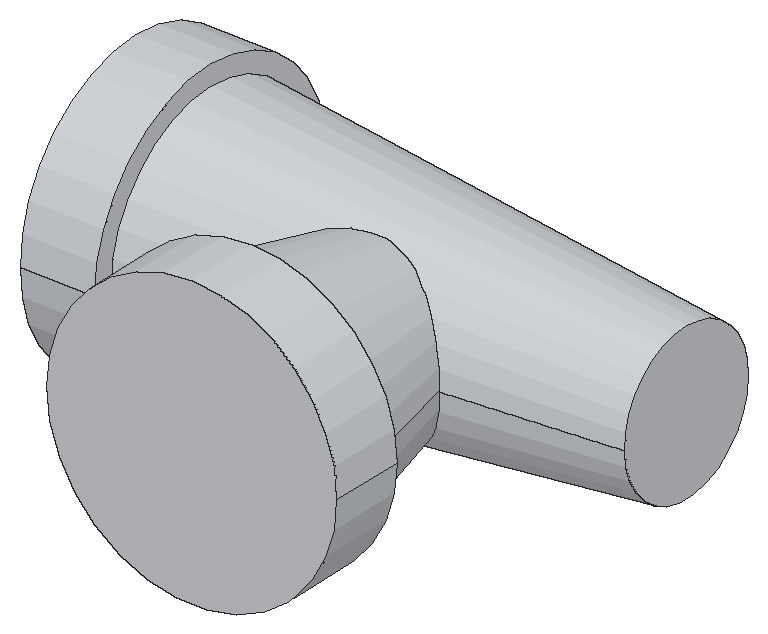
Revit family "d5bba09b224e48b1945385c841cc9387", category Pipe Fittings, Revit 2021
Family settings
  Round Connector Dimension = Use Radius
  Part Type = Tee
  OmniClass Number = 23.60.30.11.14
  OmniClass Title = Pipework Fittings
  Seek Item ID = Tee Street - Threaded - MI - Class 150-0000-USA-ENU
  Work Plane-Based = No
  Always vertical = Yes
  Cut with Voids When Loaded = No
  Shared = No
Parameters (values of type "Standard")
  Tick Size [instance] = Fitting Outside Diameter 1 * 0.4  # 0.29165"
  Nominal Radius [instance] = 1/8"
  Nominal Diameter [instance] = Nominal Radius * 2  # 1/4"
  Metal Thickness [instance] = size_lookup(Lookup Table Name, "MThk", 0.04 * Nominal Diameter + 11/128", Nominal Diameter)  # 0.09488"
  Loss Method = K Coefficient from Table
  Lookup Table Name = "Tee Street - Threaded - MI - Class 150"
  K Coefficient Table = "Threaded Tee"
  Default Elevation = 0' - 0"
  C2 Length 1 [instance] = if(and(Angle < 90.00°, (Center to End - Band Width) * tan(Angle / 2) < Band Outside Radius), Band Outside Radius / tan(Angle / 2), if(and(Angle > 90.00°, (Center to End - Band Width) / abs(tan(Angle / 2)) < Band Outside Radius), Band Outside Radius * abs(tan(Angle / 2)), Center to Male End - External Thread Length))  # 0.7874"
  C1 Length 2 [instance] = if(and(Angle < 90.00°, (Center to End - Band Width) * tan(Angle / 2) < Band Outside Radius), Band Outside Radius / tan(Angle / 2) + Band Width, if(and(Angle > 90.00°, (Center to End - Band Width) / abs(tan(Angle / 2)) < Band Outside Radius), Band Outside Radius * abs(tan(Angle / 2)) + Band Width, Center to End))  # 0.81102"
  C1 Length 1 [instance] = C1 Length 2 - Band Width  # 0.59449"
  Fitting Outside Radius 2 [instance] = Fitting Outside Diameter 2 / 2  # 0.2248"
  Fitting Outside Radius 1 [instance] = Fitting Outside Diameter 1 / 2  # 0.36457"
  Fitting Outside Diameter 2 [instance] = Male End Port Diameter + Metal Thickness * 2  # 0.44961"
  Fitting Outside Diameter 1 [instance] = Fitting Inside Diameter + Metal Thickness * 2  # 0.72913"
  Male End Port Diameter [instance] = size_lookup(Lookup Table Name, "MEPD", 0.95 * Nominal Diameter + 17/256", Nominal Diameter)  # 0.25984"
  Fitting Inside Diameter [instance] = size_lookup(Lookup Table Name, "FID", 1.08 * Nominal Diameter + 13/64", Nominal Diameter)  # 0.53937"
  External Thread Length [instance] = size_lookup(Lookup Table Name, "ETL", 0.22 * Nominal Diameter + 49/128", Nominal Diameter)  # 0.40157"
  Center to Male End [instance] = size_lookup(Lookup Table Name, "CtME", 1.21 * Nominal Diameter + 55/64", Nominal Diameter)  # 1.18898"
  Center to End [instance] = size_lookup(Lookup Table Name, "CtE", 0.78 * Nominal Diameter + 171/256", Nominal Diameter)  # 0.81102"
  Band Width [instance] = size_lookup(Lookup Table Name, "BWid", 0.12 * Nominal Diameter + 45/256", Nominal Diameter)  # 0.21654"
  Band Outside Radius [instance] = Band Outside Diameter / 2  # 0.42126"
  Band Outside Diameter [instance] = size_lookup(Lookup Table Name, "BOD", 1.23 * Nominal Diameter + 125/256", Nominal Diameter)  # 0.84252"
  Assembly Code = ""
  Angle [instance] = 90.00°
Reference planes (in)
  plane 1 "Center (Front/Back)": y = 0
  plane 2: z = 0
  plane 3 "Center (Left/Right)": x = 0
  plane 4: x = -0.59449
  plane 5: x = 0.7874
  plane 6: x = -0.81102
  plane 7: y = 0.29165
  plane 8: y = -0.29165
  plane 9: x = -0.59449
  plane 10: y = 0.29165
  plane 11: y = -0.29165
Forms (in)
  Blend 1, solid, detail levels fine
    base sketch origin (0, 0, 0) x (0, 1, 0) y (0, 0, 1)
      loop
        circle (0, 0) r 0.36457
    top sketch origin (0, 0, 0) x (0, 1, 0) y (0, 0, 1)
      loop
        circle (0, 0) r 0.2248
    from -0.59449 to 0.7874
  Sweep 2, solid, detail levels fine
    path in 3D
      loop
        line (-0.81102, 0, 0) -> (-0.59449, 0, 0)
    profile origin (-0.70276, 0, 0) x (0, 1, 0) y (0, 0, 1)
      loop
        circle (0, 0) r 0.42126
  Sweep 3, solid, detail levels fine
    path in 3D
      loop
        line (0, -0.59449, 0) -> (0, -0.81102, 0)
    profile origin (0, -0.70276, 0) x (1, 0, 0) y (0, 0, 1)
      loop
        circle (0, 0) r 0.42126
  SweptBlend 4, solid, detail levels fine
    path in 3D
      loop
        line (0, 0, 0) -> (0, -0.59449, 0)
    profile origin (0, 0, 0) x (1, 0, 0) y (0, 0, 1)
      loop
        circle (0, 0) r 0.2248
    end profile origin (0, -0.59449, 0) x (1, 0, 0) y (0, 0, 1)
      loop
        circle (0, 0) r 0.36457
Cuts and joins
  joined: Blend 1, Sweep 2, Sweep 3, SweptBlend 4
Lines and regions (in)
  model lines, detail levels coarse+medium
    curve 1: line (-0.81102, 0.29165, 0) -> (-0.81102, -0.29165, 0)
    curve 2: line (0.7874, 0.29165, 0) -> (0.7874, -0.29165, 0)
    curve 12: line (0, 0, 0) -> (0, -0.81102, 0)
    curve 13: line (0, 0, 0) -> (0.7874, 0, 0)
    curve 14: line (0, 0, 0) -> (-0.81102, 0, 0)
    curve 15: line (0.29165, -0.81102, 0) -> (-0.29165, -0.81102, 0)
  reference lines
    curve 3: line (0, 0, 0) -> (0, -0.59449, 0)
    curve 4: line (0, -0.59449, 0) -> (0, -0.81102, 0)
    curve 5: line (0.7874, 0, 0) -> (1.00394, 0, 0)
    curve 6: line (-0.81102, 0, 0) -> (-0.59449, 0, 0)
    curve 7: line (-0.81102, 0, 0) -> (-0.59449, 0, 0)
    curve 8: line (0.68584, 0, 0) -> (1.00394, 0, 0)
    curve 9: line (0, -0.81102, 0) -> (0, -0.59449, 0)
  sketch lines
    curve 10: line (-0.81102, 0, 0) -> (-0.59449, 0, 0)
    curve 11: line (0, -0.59449, 0) -> (0, -0.81102, 0)
    curve 16: line (0, 0, 0) -> (0, -0.59449, 0)
Dimensions and locks (in)
  "C1 Length 1": plane 4 to plane 3 "Center (Left/Right)"
  "C2 Length 1": plane 3 "Center (Left/Right)" to plane 5
  "C1 Length 2": plane 6 to plane 3 "Center (Left/Right)"
  equal spacing: plane 7, plane 1 "Center (Front/Back)", plane 8
  "Tick Size": plane 7 to plane 1 "Center (Front/Back)"
  "C1 Length 1": curve 3 to curve 4
  "Band Width": curve 4 to curve 4
  equal spacing: plane 10, plane 1 "Center (Front/Back)", plane 11
  "Tick Size": plane 10 to plane 1 "Center (Front/Back)"
  "C1 Length 2": curve 12 to curve 12
  equal spacing: curve 15, curve 12, curve 15
  "Tick Size": curve 12 to curve 15
  "Fitting Outside Radius 1": radius of Blend 1 sketch curve
  "Fitting Outside Radius 2": radius of Blend 1 sketch curve
  "Band Outside Radius": radius of Sweep 2 sketch curve
  "Band Outside Radius": radius of Sweep 3 sketch curve
  "Fitting Outside Radius 2": radius of SweptBlend 4 sketch curve
  "Fitting Outside Radius 1": radius of SweptBlend 4 sketch curve
  "Angle": angle curve 3 to plane 1 "Center (Front/Back)"
  "Angle": angle curve 4 to plane 1 "Center (Front/Back)"
  "Angle": angle curve 9 to plane 1 "Center (Front/Back)"
  "Angle": angle curve 12 to plane 1 "Center (Front/Back)"
  "Angle": angle curve 15 to plane 5
  aligned and locked: plane 7 to curve 1
  aligned and locked: plane 8 to curve 1
  aligned and locked: curve 1 to plane 6
  aligned and locked: plane 3 "Center (Left/Right)" to curve 3
  aligned and locked: plane 6 to curve 6
  aligned and locked: plane 4 to curve 6
  aligned and locked: plane 5 to curve 5
  aligned and locked: plane 1 "Center (Front/Back)" to curve 5
  aligned and locked: plane 1 "Center (Front/Back)" to curve 6
  aligned and locked: plane 6 to curve 7
  aligned and locked: plane 9 to curve 7
  aligned and locked: plane 1 "Center (Front/Back)" to curve 7
  aligned and locked: plane 1 "Center (Front/Back)" to curve 8
  aligned and locked: plane 1 "Center (Front/Back)" to Blend 1 sketch curve  (x2)
  aligned and locked: plane 2 to Blend 1 sketch curve  (x2)
  aligned and locked: Blend 1 to plane 4
  aligned and locked: plane 5 to Blend 1
  aligned and locked: plane 1 "Center (Front/Back)" to Sweep 2 sketch curve
  aligned and locked: plane 2 to Sweep 2 sketch curve
  aligned and locked: plane 11 to curve 2
  aligned and locked: plane 10 to curve 2
  aligned and locked: profile plane to Sweep 3 sketch curve  (x2)
  aligned and locked: plane 3 "Center (Left/Right)" to curve 12
  aligned and locked: plane 1 "Center (Front/Back)" to curve 12
  aligned and locked: plane 6 to curve 14
  aligned and locked: curve 2 to plane 5
  aligned and locked: profile plane to SweptBlend 4 sketch curve  (x4)
Automatic sketch dimensions
  curve 3 to plane 1 "Center (Front/Back)" = 0' - 0"
  curve 5 to curve 8 = 0' - 0.21654"
  curve 5 to curve 8 = 0' - 0"
  curve 8 to plane 5 = 0' - 0 13/128"
Connectors (in)
  piping at (-0.81102, 0, 0), diameter 0.25, driven by "Nominal Radius"
    settings: on cut or joined group of Blend 1, Sweep 2, Sweep 3, SweptBlend 4, index 1, connector inside diameter 1/4", connector length 0' - 0", flow factor 0, pipe flow 0 GPM, pressure drop 0.00 psi, fitting loss kfactor 0, connector angle 0.00°, fixture units 0, engagement length 0' - 0", angle of deflection 0.00°, flow configuration 0, flow direction 0, fitting loss method 0, system type 28, joint type 0, gender type 0, connector reference index 2, connector utility 0, adjustable connector no, is connector primary yes, connector description ""
  piping at (0.7874, 0, 0), diameter 0.25, driven by "Nominal Radius"
    settings: on cut or joined group of Blend 1, Sweep 2, Sweep 3, SweptBlend 4, index 2, connector inside diameter 1/4", connector length 0' - 0", flow factor 0, pipe flow 0 GPM, pressure drop 0.00 psi, fitting loss kfactor 0, connector angle 0.00°, fixture units 0, engagement length 0' - 0", angle of deflection 0.00°, flow configuration 0, flow direction 0, fitting loss method 0, system type 28, joint type 0, gender type 0, connector reference index 1, connector utility 0, adjustable connector no, is connector primary no, connector description ""
  piping at (0, -0.81102, 0), diameter 0.25, driven by "Nominal Radius", driven by "Angle"
    settings: on Sweep 3, index 3, connector inside diameter 1/4", connector length 0' - 0", flow factor 0, pipe flow 0 GPM, pressure drop 0.00 psi, fitting loss kfactor 0, connector angle 90.00°, fixture units 0, engagement length 0' - 0", angle of deflection 0.00°, flow configuration 0, flow direction 0, fitting loss method 0, system type 28, joint type 0, gender type 0, connector reference index -1, connector utility 0, adjustable connector no, is connector primary no, connector description ""
